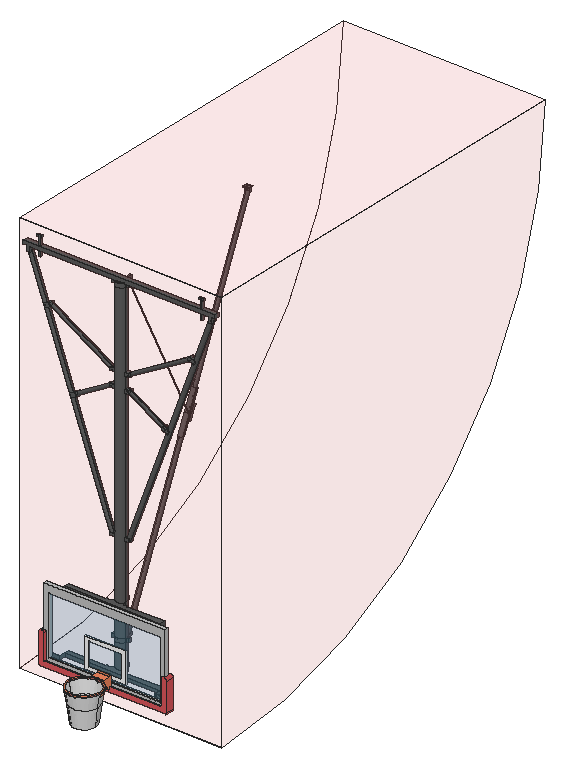
Revit family "Basketball_Backstop-Ceiling_Mount-Backward_Fold-IPIbyBison-IP1345BF-Xtra_Height", category Specialty Equipment, Revit 2022
Family settings
  Round Connector Dimension = Use Diameter
  Part Type = Normal
  OmniClass Number = 23.40.50.34.14
  OmniClass Title = Gymnasium Equipment
  Always vertical = Yes
  Cut with Voids When Loaded = No
  Maintain Annotation Orientation = No
  Shared = No
  Room Calculation Point = No
Parameters (values of type "Back Fold Rear Braced")
  Unit Weight [instance] = 0
  URL = "https://ipibybison.com/"
  Swing Clearance Visible [instance] = yes
  Specification = "https://www.arcat.com/company/ipi-by-bison-38554/spec"
  Set Frame Below Truss Level [instance] = -0' - 1"
  Rim Color [instance] = Plastic - IPI by Bison - Orange OR
  Product Page URL = "https://www.arcat.com/arcatcos/cos38/arc38554.html"
  Net Color [instance] = Finish - IPI by Bison - White Netting
  Model = "IP1345BF"
  Manufacturer = "IPI by Bison"
  Keynote = "11 66 00"
  Glass [instance] = Glass - IPI by Bison
  Frame Finish [instance] = Finish - IPI by Bison - Black
  Folding Clearance [instance] = ARCAT Clearance
  F_Length of Piping Below Brace Point [instance] = 1' - 6"
  FF to Top of Hoop [instance] = 10' - 0"
  Description = "Back Folding Basketball Frame and Backboard, Ceiling Mount"
  Default Elevation = 0' - 0"
  Copyright = "© 2023 ARCAT"  # constant formula
  CAD Details = "https://www.arcat.com/company/ipi-by-bison-38554/cad"
  Backboard Type = Backboard_BA42XLGlass : Backboard_BA42XLGlass
  Backboard Square Color [instance] = Finish - IPI by Bison - White
  Backboard Padding Color [instance] = Plastic - IPI by Bison - Scarlet SC
  Backboard Frame Color [instance] = Finish - IPI by Bison - Satin Aluminum
  Backboard Distance from Wall [instance] = 7' - 0"
  B_Distance Between Y Frame Supports [instance] = 8' - 0"  # constant formula
  Available Options = "as Specified"
  A_Distance to Brace [instance] = 7' - 10"
Reference planes (in)
  plane 1 "Center (Front/Back)": y = 0
  plane 2: z = 0
  plane 3 "Center (Left/Right)": x = 0
  plane 4: y = -84
  plane 5: z = 120
  plane 6: x = -48
  plane 7: x = 48
Forms (in)
  Revolve 1, solid, material "ARCAT Clearance" <- "Folding Clearance", visible <- "Swing Clearance Visible"
    sketch origin (-24.35865, -84, 48) x (-1, 0, 0) y (0, 0, 1)
      loop
        line (35.64135, 288) -> (-84.35865, 288) -> (-84.35865, 48) -> (35.64135, 48) -> (35.64135, 288)
      axis (35.64135, 288) -> (-84.35865, 288)
    angle from 0 to -90
Dimensions and locks (in)
  "Backboard Distance from Wall": plane 4 to plane 1 "Center (Front/Back)"
  equal spacing: plane 6, plane 3 "Center (Left/Right)", plane 7
  "B_Distance Between Y Frame Supports": plane 6 to plane 7
  "FF to Top of Hoop": plane 5 to level
  locked: Revolve 1 sketch curve to plane 6 at 12
  locked: plane 7 to Revolve 1 sketch curve at 12
  locked: plane 5 to Revolve 1 sketch curve at 24
  aligned and locked: level to plane 2
  aligned and locked: nested 2 to plane 4
  aligned and locked: plane 4 to nested 1
  aligned and locked: Revolve 1 sketch curve to level
  aligned and locked: level to Revolve 1 sketch curve
Automatic sketch dimensions
  Revolve 1 sketch curve to Revolve 1 sketch curve = 2' - 9.42519"
  plane 3 "Center (Left/Right)" to Revolve 1 sketch curve = 0' - 2.42519"
Nested families (in)
  nested 1: "Backboard_BA42XLGlass" at (0, -84, 120) x (-1, 0, 0) z (0, 0, 1), built-in parameter 1001364 <- "FF to Top of Hoop", backboard color <- "Backboard Frame Color", backboard square color <- "Backboard Square Color", frame finish <- "Frame Finish", glass <- "Glass", rim finish <- "Rim Color", net color <- "Net Color", padding color <- "Backboard Padding Color", height offset <- "FF to Top of Hoop", type "Backboard_BA42XLGlass"
    with rim finish Plastic - IPI by Bison - Orange OR, padding color Plastic - IPI by Bison - Scarlet SC, net color Finish - IPI by Bison - White Netting, height offset 10' - 0", glass Glass - IPI by Bison, frame finish Finish - IPI by Bison - Black, backboard square color Finish - IPI by Bison - White, backboard color Finish - IPI by Bison - Satin Aluminum
  nested 2: "Frame_RFRB28" at (0, -84, 335), built-in parameter 1001364 <- "Set Frame Below Truss Level", a <- "A_Distance to Brace", b <- "B_Distance Between Y Frame Supports", f <- "F_Length of Piping Below Brace Point", frame <- "Frame Finish", type "Frame_RFRB28"
    with frame Finish - IPI by Bison - Black, f 1' - 6", b 8' - 0", a 7' - 10", Hinge Location 9' - 0.08102"
Definition of nested family "Backboard_BA42XLGlass"
  Parameters (values of type "Backboard_BA42XLGlass")
    padding color [instance] = none
    net color [instance] = none
    rim finish [instance] = none
    height offset [instance] = 9' - 6"
    glass [instance] = none
    frame finish [instance] = none
    backboard square color [instance] = none
    backboard color [instance] = none
    Default Elevation = 4' - 0"
  Reference planes (in)
    plane 1 "Center (Front/Back)": y = 0
    plane 2: z = 0
    plane 3 "Center (Left/Right)": x = 0
    plane 4: z = -114
  Forms (in)
    Extrusion 1, solid, material <- "backboard color"
      sketch origin (-8.43545, 11.2937, 28.94441) x (1, 0, 0) y (0, 0, 1)
        loop
          line (-27.56455, 6.99989) -> (-27.56455, -35.00011) -> (44.43545, -35.00011) -> (44.43545, 6.99989) -> (-27.56455, 6.99989)
        loop
          line (41.81045, 2.74989) -> (-24.93955, 2.74989) -> (-24.93955, -32.37511) -> (41.81045, -32.37511) -> (41.81045, 2.74989)
      from 1.125 to -1.125
    Extrusion 2, solid, material <- "padding color"
      sketch origin (-8.43545, 11.2937, 29.06941) x (1, 0, 0) y (0, 0, 1)
        loop
          line (-27.55038, -17.62511) -> (-27.80038, -17.62511)
          arc (-27.80038, -17.62511) -> (-29.03781, -18.13767) -> (-29.55038, -19.37511) r 1.75
          line (-29.55038, -19.37511) -> (-29.55038, -36.12511)
          arc (-29.55038, -36.12511) -> (-29.25748, -36.83222) -> (-28.55038, -37.12511) r 1
          line (-28.55038, -37.12511) -> (45.44962, -37.12511)
          arc (45.44962, -37.12511) -> (46.15673, -36.83222) -> (46.44962, -36.12511) r 1
          line (46.44962, -36.12511) -> (46.44962, -19.37511)
          arc (46.44962, -19.37511) -> (45.93706, -18.13767) -> (44.69962, -17.62511) r 1.75
          line (44.69962, -17.62511) -> (44.42127, -17.62511)
          arc (44.42127, -17.62511) -> (43.71416, -17.918) -> (43.42127, -18.62511) r 1
          line (43.42127, -18.62511) -> (43.42127, -33.98376) -> (-26.55038, -33.98376) -> (-26.55038, -18.62511)
          arc (-26.55038, -18.62511) -> (-26.84327, -17.918) -> (-27.55038, -17.62511) r 1
      from -2.18697 to 2.14819
    Revolve 3, solid, material <- "net color"
      sketch origin (-8.43545, 27.4812, 28.93687) x (1, 0, 0) y (0, 0, 1)
        loop
          circle (-0.85808, -29.24642) r 0.3125
        loop
          line (-1.03195, -29.9762) -> (0.27041, -37.36226) -> (1.80132, -48.25521) -> (2.05377, -48.25521) -> (0.51737, -37.32314) -> (-0.77809, -29.9762) -> (-1.03195, -29.9762)
        axis (8.43545, -48.25521) -> (8.43545, -29.24642)
      angle from 0 to 360
    Revolve 4, solid, material <- "rim finish"
      sketch origin (0.02792, 11.2937, 0) x (0, 1, 0) y (0, 0, 1)
        loop
          line (6.79001, -0.625) -> (6.54001, -0.625) -> (6.54001, -2.125) -> (6.79001, -2.125) -> (6.79001, -0.625)
        axis (16.04001, -2.125) -> (16.04001, -0.625)
      angle from -90 to 90
    Extrusion 5, solid, material <- "rim finish"
      sketch origin (0, 0, 0) x (0, 1, 0) y (0, 0, 1)
        loop
          line (17.69724, 0) -> (12.8212, 0) -> (13.12361, 1.21287) -> (12.79369, 1.29513) -> (12.47078, 0) -> (12.47078, -6.5) -> (13.63137, -6.5) -> (17.69724, -2.43414) -> (17.69724, 0)
      from -3.50075 to 3.49925
    Extrusion 6, solid, material <- "backboard square color"
      sketch origin (0.02792, 11.2937, 0) x (1, 0, 0) y (0, 0, 1)
        loop
          line (-12.02792, 16.0023) -> (-12.02792, -1.9977) -> (11.97208, -1.9977) -> (11.97208, 16.0023) -> (-12.02792, 16.0023)
        loop
          line (-10.02792, 14.0023) -> (-10.02792, 0) -> (9.97208, 0) -> (9.97208, 14.0023) -> (-10.02792, 14.0023)
      from -0.44333 to 0.05679
    Extrusion 7, solid, material <- "glass"
      sketch origin (0.02792, 11.2937, 0) x (1, 0, 0) y (0, 0, 1)
        loop
          line (-33.40292, 31.6943) -> (-33.40292, -3.4307) -> (33.34708, -3.4307) -> (33.34708, 31.6943) -> (-33.40292, 31.6943)
      from -0.405 to 0
    Extrusion 8, solid, material <- "frame finish"
      sketch origin (0, 11.2937, 0) x (1, 0, 0) y (0, 1, 0)
        loop
          line (-28.5, -7.7495) -> (-6, -7.7495) -> (-6, -8.1245) -> (-4.12188, -8.1245) -> (-3.02199, -10.02957)
          arc (-3.02199, -10.02957) -> (-2.89931, -12.81607) -> (-0.66175, -14.4813) r 3.25
          line (-0.66175, -14.4813) -> (-0.66175, -16.28845) -> (0.60591, -16.28845) -> (0.60591, -14.4813)
          arc (0.60591, -14.4813) -> (2.82905, -12.84298) -> (2.98938, -10.08605) r 3.25
          line (2.98938, -10.08605) -> (4.12188, -8.1245) -> (6, -8.1245) -> (6, -7.7495) -> (28.5, -7.7495) -> (28.5, -1.4995) -> (33, -1.4995) -> (33, -1.125) -> (28.25, -1.125) -> (28.25, -4.7495) -> (-28.25, -4.7495) -> (-28.25, -1.125) -> (-33, -1.125) -> (-33, -1.4995) -> (-28.5, -1.4995) -> (-28.5, -7.7495)
      from -3.4307 to -1.5237
    Extrusion 9, solid, material <- "frame finish"
      sketch origin (0, 11.2937, 0) x (1, 0, 0) y (0, 1, 0)
        loop
          line (-28.5, -7.7495) -> (-6, -7.7495) -> (-6, -8.1245) -> (-4.12188, -8.1245) -> (-3.02199, -10.02957)
          arc (-3.02199, -10.02957) -> (-2.89931, -12.81607) -> (-0.66175, -14.4813) r 3.25
          line (-0.66175, -14.4813) -> (-0.66175, -16.28845) -> (0.60591, -16.28845) -> (0.60591, -14.4813)
          arc (0.60591, -14.4813) -> (2.82905, -12.84298) -> (2.98938, -10.08605) r 3.25
          line (2.98938, -10.08605) -> (4.12188, -8.1245) -> (6, -8.1245) -> (6, -7.7495) -> (28.5, -7.7495) -> (28.5, -1.4995) -> (33, -1.4995) -> (33, -1.125) -> (28.25, -1.125) -> (28.25, -4.7495) -> (-28.25, -4.7495) -> (-28.25, -1.125) -> (-33, -1.125) -> (-33, -1.4995) -> (-28.5, -1.4995) -> (-28.5, -7.7495)
      from 31.75979 to 34.1423
  Lines and regions (in)
    model lines
      curve 1: line (-0.00075, 0, 0) -> (-0.00075, 0, -114)
  Dimensions and locks (in)
    "height offset": level to plane 4
    aligned and locked: plane 2 to level
    aligned and locked: plane 4 to curve 1
  Automatic sketch dimensions
    curve 1 to level = 0' - 0"
    curve 1 to plane 3 "Center (Left/Right)" = 0' - 0.00075"
    Extrusion 1 sketch curve to plane 3 "Center (Left/Right)" = 3' - 0"
    Extrusion 1 sketch curve to Extrusion 1 sketch curve = 0' - 2 5/8"  (x2)
    plane 3 "Center (Left/Right)" to Extrusion 1 sketch curve = 2' - 9 3/8"
    Extrusion 1 sketch curve to level = 0' - 6.0557"
    Extrusion 1 sketch curve to level = 0' - 3.4307"
    level to Extrusion 1 sketch curve = 2' - 7.6943"
    Extrusion 1 sketch curve to Extrusion 1 sketch curve = 0' - 4 1/4"
    level to Extrusion 2 sketch curve = 0' - 9.6943"
    Extrusion 2 sketch curve to plane 3 "Center (Left/Right)" = 3' - 1.98582"
    Extrusion 2 sketch curve to Extrusion 2 sketch curve = 0' - 1"  (x4)
    Extrusion 2 sketch curve to Extrusion 2 sketch curve = 0' - 1 3/4"
    Extrusion 2 sketch curve to Extrusion 2 sketch curve = 0' - 0 1/4"
    level to Extrusion 2 sketch curve = 0' - 10.4443"
    plane 3 "Center (Left/Right)" to Extrusion 2 sketch curve = 2' - 10.98582"
    Extrusion 2 sketch curve to Extrusion 2 sketch curve = 0' - 0.27835"
    Extrusion 2 sketch curve to Extrusion 2 sketch curve = 0' - 2.02835"
    Extrusion 2 sketch curve to level = 0' - 4.91435"
    Extrusion 2 sketch curve to Extrusion 2 sketch curve = 0' - 2.14135"
    Revolve 3 sketch curve to plane 3 "Center (Left/Right)" = 0' - 0"
    Revolve 3 sketch curve to plane 3 "Center (Left/Right)" = 0' - 6.38167"
    Revolve 3 sketch curve to Revolve 3 sketch curve = 0' - 0.25246"
    Revolve 3 sketch curve to plane 3 "Center (Left/Right)" = 0' - 7.91808"
    Revolve 3 sketch curve to Revolve 3 sketch curve = 0' - 0.24696"
    Revolve 3 sketch curve to level = 0' - 1.03933"
    Revolve 3 sketch curve to Revolve 3 sketch curve = 0' - 1.0485"
    Revolve 3 sketch curve to level = 0' - 0.30954"
    Revolve 3 sketch curve to Revolve 3 sketch curve = 0' - 0.07999"
    Revolve 3 sketch curve to Revolve 3 sketch curve = 0' - 0.25386"
    Revolve 3 sketch curve to Revolve 3 sketch curve = 0' - 7.34694"
    Revolve 3 sketch curve to Revolve 3 sketch curve = 0' - 0.03911"
    Revolve 3 sketch curve to Revolve 3 sketch curve = 0' - 10.89295"
    Revolve 3 sketch curve to level = 0' - 0.00754"
    level to Revolve 3 sketch curve = 0' - 2.99246"
    Revolve 4 sketch curve to level = 0' - 2 1/8"
    Revolve 4 sketch curve to plane 1 "Center (Front/Back)" = 1' - 5.83371"
    Revolve 4 sketch curve to Revolve 4 sketch curve = 0' - 0 1/4"
    Revolve 4 sketch curve to level = 0' - 0 5/8"  (x2)
    Revolve 4 sketch curve to Revolve 4 sketch curve = 0' - 9 1/4"
    level to Revolve 4 sketch curve = 0' - 3 1/8"
    Extrusion 5 sketch curve to level = 0' - 0"  (x2)
    Extrusion 5 sketch curve to plane 1 "Center (Front/Back)" = 1' - 0.47078"
    level to Extrusion 5 sketch curve = 0' - 1.29513"
    Extrusion 5 sketch curve to Extrusion 5 sketch curve = 0' - 0.32291"
    Extrusion 5 sketch curve to Extrusion 5 sketch curve = 0' - 0.35043"
    Extrusion 5 sketch curve to Extrusion 5 sketch curve = 0' - 1.16059"
    Extrusion 5 sketch curve to Extrusion 5 sketch curve = 0' - 4.57363"
    Extrusion 5 sketch curve to Extrusion 5 sketch curve = 0' - 2.43414"
    Extrusion 5 sketch curve to Extrusion 5 sketch curve = 0' - 6 1/2"
    Extrusion 6 sketch curve to level = 0' - 0"
    Extrusion 6 sketch curve to level = 0' - 1.9977"
    Extrusion 6 sketch curve to plane 3 "Center (Left/Right)" = 1' - 0"
    Extrusion 6 sketch curve to Extrusion 6 sketch curve = 0' - 2"  (x3)
    plane 3 "Center (Left/Right)" to Extrusion 6 sketch curve = 0' - 10"
    Extrusion 6 sketch curve to Extrusion 6 sketch curve = 1' - 2.0023"
    Extrusion 7 sketch curve to plane 3 "Center (Left/Right)" = 2' - 9 3/8"
    Extrusion 7 sketch curve to level = 0' - 3.4307"
    plane 3 "Center (Left/Right)" to Extrusion 7 sketch curve = 2' - 9 3/8"
    level to Extrusion 7 sketch curve = 2' - 7.6943"
    Extrusion 8 sketch curve to Extrusion 8 sketch curve = 0' - 0"  (x3)
    plane 1 "Center (Front/Back)" to Extrusion 8 sketch curve = 0' - 0"
    Extrusion 8 sketch curve to plane 1 "Center (Front/Back)" = 0' - 9.7942"
    Extrusion 8 sketch curve to plane 3 "Center (Left/Right)" = 2' - 9"
    Extrusion 8 sketch curve to plane 1 "Center (Front/Back)" = 0' - 3.5442"
    Extrusion 8 sketch curve to Extrusion 8 sketch curve = 0' - 4 1/2"  (x2)
    Extrusion 8 sketch curve to Extrusion 8 sketch curve = 0' - 0 1/4"  (x2)
    Extrusion 8 sketch curve to plane 3 "Center (Left/Right)" = 0' - 6"
    Extrusion 8 sketch curve to Extrusion 8 sketch curve = 0' - 1.87812"  (x2)
    Extrusion 8 sketch curve to Extrusion 8 sketch curve = 0' - 1.09989"
    Extrusion 8 sketch curve to plane 3 "Center (Left/Right)" = 0' - 0.66175"
    Extrusion 8 sketch curve to plane 3 "Center (Left/Right)" = 0' - 0.02792"
    plane 3 "Center (Left/Right)" to Extrusion 8 sketch curve = 0' - 0.60591"
    Extrusion 8 sketch curve to plane 1 "Center (Front/Back)" = 0' - 1.20765"
    plane 3 "Center (Left/Right)" to Extrusion 8 sketch curve = 0' - 2.98938"
    Extrusion 8 sketch curve to Extrusion 8 sketch curve = 0' - 1.1325"
    Extrusion 8 sketch curve to plane 1 "Center (Front/Back)" = 0' - 10.1687"
    Extrusion 8 sketch curve to Extrusion 8 sketch curve = 1' - 10 1/4"
    Extrusion 8 sketch curve to Extrusion 8 sketch curve = 0' - 1.80715"
    Extrusion 8 sketch curve to Extrusion 8 sketch curve = 0' - 0 3/8"  (x2)
    Extrusion 8 sketch curve to plane 1 "Center (Front/Back)" = 0' - 3.1692"
    Extrusion 8 sketch curve to Extrusion 8 sketch curve = 0' - 3"
    Extrusion 8 sketch curve to Extrusion 8 sketch curve = 0' - 0.3745"  (x2)
    Extrusion 9 sketch curve to Extrusion 9 sketch curve = 0' - 0"  (x3)
    plane 1 "Center (Front/Back)" to Extrusion 9 sketch curve = 0' - 0"
    Extrusion 9 sketch curve to plane 1 "Center (Front/Back)" = 0' - 9.7942"
    Extrusion 9 sketch curve to plane 3 "Center (Left/Right)" = 2' - 9"
    Extrusion 9 sketch curve to plane 1 "Center (Front/Back)" = 0' - 3.5442"  (x2)
    Extrusion 9 sketch curve to Extrusion 9 sketch curve = 0' - 4 1/2"  (x2)
    Extrusion 9 sketch curve to Extrusion 9 sketch curve = 0' - 0 1/4"  (x2)
    Extrusion 9 sketch curve to plane 3 "Center (Left/Right)" = 0' - 6"
    Extrusion 9 sketch curve to Extrusion 9 sketch curve = 0' - 1.87812"  (x2)
    Extrusion 9 sketch curve to Extrusion 9 sketch curve = 0' - 1.09989"
    Extrusion 9 sketch curve to plane 3 "Center (Left/Right)" = 0' - 0.66175"
    Extrusion 9 sketch curve to plane 3 "Center (Left/Right)" = 0' - 0.02792"
    plane 3 "Center (Left/Right)" to Extrusion 9 sketch curve = 0' - 0.60591"
    Extrusion 9 sketch curve to plane 1 "Center (Front/Back)" = 0' - 1.20765"
    plane 3 "Center (Left/Right)" to Extrusion 9 sketch curve = 0' - 2.98938"
    Extrusion 9 sketch curve to Extrusion 9 sketch curve = 0' - 1.1325"
    Extrusion 9 sketch curve to plane 1 "Center (Front/Back)" = 0' - 10.1687"
    Extrusion 9 sketch curve to Extrusion 9 sketch curve = 1' - 10 1/4"
    Extrusion 9 sketch curve to Extrusion 9 sketch curve = 0' - 1.80715"
    Extrusion 9 sketch curve to Extrusion 9 sketch curve = 0' - 0 3/8"
    Extrusion 9 sketch curve to plane 1 "Center (Front/Back)" = 0' - 3.1692"
    Extrusion 9 sketch curve to Extrusion 9 sketch curve = 0' - 3"
    Extrusion 9 sketch curve to Extrusion 9 sketch curve = 0' - 0.3745"  (x2)
    radius of Revolve 3 sketch curve = 0' - 0 5/16"
Definition of nested family "Frame_RFRB28"
  Parameters (values of type "Frame_RFRB28")
    frame [instance] = none
    f [instance] = 1' - 6"
    b [instance] = 8' - 0"  # constant formula
    a [instance] = 7' - 10"
    Hinge Location [instance] = (sqrt((a - 0' 4 191/256") ^ 2 + (16' 4 7/8") ^ 2)) / 2  # 9' - 0.08102"
    Default Elevation = 4' - 0"
  Reference planes (in)
    plane 1 "Center (Front/Back)": y = 0
    plane 2: z = 0
    plane 3 "Center (Left/Right)": x = 0
    plane 4: z = -4.125
    plane 5: x = -48
    plane 6: x = 48
    plane 7: z = -218.99815
    plane 8: y = 94
    plane 9: z = -200.99815
    plane 10: z = -146.99815
    plane 11: y = 4.7442
    plane 12: z = -12.07366
  Forms (in)
    Extrusion 1, solid, material <- "frame"
      sketch origin (0, 0, 0) x (-1, 0, 0) y (0, 0, 1)
        loop
          line (-48.5, -3.57547) -> (-49.1801, -3.57547) -> (-49.1801, -4.57547) -> (-48.5, -4.57547) -> (-48.5, -14.94659) -> (-47.5, -14.94659) -> (-47.5, -4.50272) -> (-46.31181, -4.50272) -> (-46.31181, -3.67379) -> (-47.125, -3.67379) -> (-47.125, -3.45566) -> (-48.5, -3.45566) -> (-48.5, -3.57547)
        loop
          line (47.5, -3.57547) -> (46.8199, -3.57547) -> (46.8199, -4.57547) -> (47.5, -4.57547) -> (47.5, -14.94659) -> (48.5, -14.94659) -> (48.5, -4.50272) -> (49.68819, -4.50272) -> (49.68819, -3.67379) -> (48.875, -3.67379) -> (48.875, -3.45566) -> (47.5, -3.45566) -> (47.5, -3.57547)
      from -0.4375 to 0.4375
    Extrusion 2, solid, material <- "frame"
      sketch origin (0, 0, 0) x (-1, 0, 0) y (0, -1, 0)
        loop
          circle (0, 0) r 3
      from -218.99815 to -10.81466
    Extrusion 3, solid, material <- "frame"
      sketch origin (0, 0, 0) x (-1, 0, 0) y (0, -1, 0)
        loop
          arc (3.12672, 0.62551) -> (0, 3.19656) -> (-3.12672, 0.62551) r 3.18676
          line (-3.12672, 0.62551) -> (-5.03472, 0.62551) -> (-5.03472, -0.60749) -> (-3.12716, -0.60749)
          arc (-3.12716, -0.60749) -> (-2.22195, -2.27562) -> (-0.529, -3.1335) r 3.1875
          line (-0.529, -3.1335) -> (-0.529, -7.17993) -> (0.529, -7.17993) -> (0.529, -3.1335)
          arc (0.529, -3.1335) -> (2.22195, -2.27562) -> (3.12716, -0.60749) r 3.1875
          line (3.12716, -0.60749) -> (5.03472, -0.60749) -> (5.03472, 0.62551) -> (3.12672, 0.62551)
      from -13.07366 to -11.07366
    Sweep 4, solid, material <- "frame"
      path origin (0, 0, 0) x (0, -1, 0) y (0, 0, 1)
        loop
          line (-4.7442, -200.99815) -> (-94, -4.125)
      profile origin (0, 49.3721, -102.56158) x (0, 0.91077, -0.412913) y (-1, 0, 0)
        loop
          circle (0, 0) r 1.1875
    Extrusion 5, solid, material <- "frame"
      sketch origin (0, -23.21476, -200.99815) x (0, -1, 0) y (1, 0, 0)
        loop
          line (-22.60885, 5.03472) -> (-23.82067, 5.03472) -> (-23.82067, 3.12072)
          arc (-23.82067, 3.12072) -> (-25.10199, 2.55821) -> (-26.01762, 1.5) r 3.179
          line (-26.01762, 1.5) -> (-29.32067, 1.5) -> (-29.32067, -1.5) -> (-26.01762, -1.5)
          arc (-26.01762, -1.5) -> (-25.10199, -2.55821) -> (-23.82067, -3.12072) r 3.179
          line (-23.82067, -3.12072) -> (-23.82067, -5.03472) -> (-22.60885, -5.03472) -> (-22.60885, -3.12072)
          arc (-22.60885, -3.12072) -> (-20.03576, 0) -> (-22.60885, 3.12072) r 3.179
          line (-22.60885, 3.12072) -> (-22.60885, 5.03472)
      from 1 to -1
    Extrusion 6, solid, material <- "frame"
      sketch origin (0, 0, -1.125) x (0, -1, 0) y (0, 0, 1)
        loop
          line (-94.625, -0.80732) -> (-94.625, -3.80732) -> (-93.375, -3.80732) -> (-93.375, -0.80732) -> (-94.625, -0.80732)
      from -1.5 to 1.5
    Extrusion 7, solid, material <- "frame"
      sketch origin (0, 0, -1.125) x (0, -1, 0) y (0, 0, 1)
        loop
          line (-95.5, -0.80732) -> (-95.5, -1.05732) -> (-92.5, -1.05732) -> (-92.5, -0.80732) -> (-95.5, -0.80732)
      from -1.5 to 1.5
    Extrusion 8, solid, material <- "frame"
      sketch origin (0, -0.03, 0) x (1, 0, 0) y (0, 0, 1)
        loop
          line (-57, -8.85715) -> (-57, -10.85715) -> (-55, -10.85715) -> (-55, -14.10715) -> (-53, -14.10715) -> (-53, -10.85715) -> (53, -10.85715) -> (53, -14.10715) -> (55, -14.10715) -> (55, -10.85715) -> (57, -10.85715) -> (57, -8.85715) -> (-57, -8.85715)
      from -1.53 to 1.47
    Sweep 9, solid, material <- "frame"
      path origin (0, -0.03, 0) x (-1, 0, 0) y (0, 0, 1)
        loop
          line (-54.25831, -12.58204) -> (-4.68934, -147.70227)
      profile origin (29.47382, -0.03, -80.14215) x (0.93882, 0, -0.344407) y (0, -1, 0)
        loop
          circle (0, 0) r 1.2175
    Extrusion 10, solid, material <- "frame"
      sketch origin (0, -0.03, 0) x (1, 0, 0) y (0, 0, 1)
        loop
          line (-44.88847, -38.1233) -> (-44.19966, -40.00094) -> (-40.5513, -38.66254) -> (-41.24011, -36.7849) -> (-44.88847, -38.1233)
        loop
          line (-29.35533, -80.46516) -> (-28.66652, -82.3428) -> (-25.14594, -81.05127) -> (-25.83475, -79.17363) -> (-29.35533, -80.46516)
        loop
          line (-2.78107, -58.17015) -> (-5.78107, -58.17015) -> (-5.78107, -60.17015) -> (-2.78107, -60.17015) -> (-2.78107, -58.17015)
        loop
          line (-2.78107, -67.17015) -> (-5.78107, -67.17015) -> (-5.78107, -69.17015) -> (-2.78107, -69.17015) -> (-2.78107, -67.17015)
        loop
          line (44.88847, -38.1233) -> (41.24011, -36.7849) -> (40.5513, -38.66254) -> (44.19966, -40.00094) -> (44.88847, -38.1233)
        loop
          line (29.35533, -80.46516) -> (25.83475, -79.17363) -> (25.14594, -81.05127) -> (28.66652, -82.3428) -> (29.35533, -80.46516)
        loop
          line (2.78107, -58.17015) -> (2.78107, -60.17015) -> (5.78107, -60.17015) -> (5.78107, -58.17015) -> (2.78107, -58.17015)
        loop
          line (2.78107, -67.17015) -> (2.78107, -69.17015) -> (5.78107, -69.17015) -> (5.78107, -67.17015) -> (2.78107, -67.17015)
        loop
          line (-2.69765, -147.99815) -> (-2.69765, -145.99815) -> (-5.69765, -145.99815) -> (-5.69765, -147.99815) -> (-2.69765, -147.99815)
        loop
          line (2.69765, -147.99815) -> (5.69765, -147.99815) -> (5.69765, -145.99815) -> (2.69765, -145.99815) -> (2.69765, -147.99815)
      from -1.42904 to 1.345
    Sweep 11, solid, material <- "frame"
      path origin (0, -0.03, 0) x (1, 0, 0) y (0, 0, 1)
        loop
          line (-42.36358, -37.61622) -> (-4.38156, -59.54515)
      profile origin (-23.37257, -0.03, -48.58069) x (0.5, 0, 0.866025) y (0, -1, 0)
        loop
          circle (0, 0) r 1
    Sweep 12, solid, material <- "frame"
      path origin (0, -0.03, 0) x (-1, 0, 0) y (0, 0, 1)
        loop
          line (-42.36358, -37.61622) -> (-4.38156, -59.54515)
      profile origin (23.37257, -0.03, -48.58069) x (0.5, 0, -0.866025) y (0, -1, 0)
        loop
          circle (0, 0) r 1
    Sweep 13, solid, material <- "frame"
      path origin (0, -0.03, 60) x (1, 0, 0) y (0, 0, 1)
        loop
          line (-26.81592, -140.66699) -> (-4.38156, -127.7145)
      profile origin (-15.59874, -0.03, -74.19074) x (-0.5, 0, 0.866025) y (0, -1, 0)
        loop
          circle (0, 0) r 1
    Sweep 14, solid, material <- "frame"
      path origin (0, -0.03, 60) x (-1, 0, 0) y (0, 0, 1)
        loop
          line (-26.81592, -140.66699) -> (-4.38156, -127.7145)
      profile origin (15.59874, -0.03, -74.19074) x (-0.5, 0, -0.866025) y (0, -1, 0)
        loop
          circle (0, 0) r 1
    Sweep 15, solid, material <- "frame"
      path origin (0, -0.03, 0) x (1, 0, 0) y (0, 0, 1)
        loop
          line (-54.25831, -12.58204) -> (-4.68934, -147.70227)
      profile origin (-29.47382, -0.03, -80.14215) x (0.93882, 0, 0.344407) y (0, -1, 0)
        loop
          circle (0, 0) r 1.2175
    Sweep 16, solid, material <- "frame"
      path in 3D
        loop
          line (0, 49.37192, -102.56199) -> (0, 4.7442, -12.07366)
      profile origin (0, 27.05806, -57.31782) x (0, -0.896858, -0.442319) y (1, 0, 0)
        loop
          circle (0, 0) r 0.0625
  Lines and regions (in)
    reference lines
      curve 1: line (0, 94, -4.125) -> (0, 4.7442, -200.99815)
      curve 2: line (0, 49.37192, -102.56199) -> (0, 46.6396, -101.32325)
      curve 3: line (0, 49.37192, -102.56199) -> (0, 4.7442, -12.07366)
    sketch lines
      curve 4: line (0, 49.37192, -102.56199) -> (0, 4.7442, -12.07366)
  Dimensions and locks (in)
    equal spacing: plane 5, plane 3 "Center (Left/Right)", plane 6
    "b": plane 5 to plane 6
    locked: level to plane 4 at 4.125
    Extrusion 1 sketch curve to Extrusion 1 sketch curve to Extrusion 1 sketch curve to plane 5 to Extrusion 1 sketch curve to Extrusion 1 sketch curve to Extrusion 1 sketch curve = 0' - 0.81319" locked, 0' - 0 3/8" locked, 0' - 0 1/2" locked, 0' - 0 1/2" locked, 0' - 0" locked, 0' - 0.6801" locked
    Extrusion 1 sketch curve to Extrusion 1 sketch curve to Extrusion 1 sketch curve to plane 6 to Extrusion 1 sketch curve to Extrusion 1 sketch curve to Extrusion 1 sketch curve = 0' - 0.81319" locked, 0' - 0 3/8" locked, 0' - 0 1/2" locked, 0' - 0 1/2" locked, 0' - 0" locked, 0' - 0.6801" locked
    "a": plane 1 "Center (Front/Back)" to plane 8
    Extrusion 7 sketch curve to plane 8 to Extrusion 7 sketch curve = 0' - 1 1/2" locked, 0' - 1 1/2" locked
    Extrusion 6 sketch curve to plane 8 to Extrusion 6 sketch curve = 0' - 0 5/8" locked, 0' - 0 5/8" locked
    Extrusion 10 sketch curve to Extrusion 10 sketch curve = 0' - 2"  (x2)
    locked: level to Sweep 9 sketch curve at 147.70227
    locked: Sweep 9 sketch curve to plane 3 "Center (Left/Right)" at 4.68934
    locked: level to Sweep 15 sketch curve at 147.70227
    locked: plane 3 "Center (Left/Right)" to Sweep 15 sketch curve at 4.68934
    locked: level to Extrusion 10 sketch curve at 145.99815  (x2)
    locked: level to plane 10 at 146.99815
    locked: plane 9 to plane 10 at 54
    "f": plane 9 to plane 7
    plane 11 to plane 1 "Center (Front/Back)" = 0' - 4.7442"
    "Hinge Location": curve 2 to curve 1
    locked: plane 4 to plane 12 at 7.94866
    locked: curve 2 to curve 1 (angle 90.00°)
    aligned and locked: plane 2 to level
    aligned and locked: plane 7 to Extrusion 2
    aligned and locked: plane 11 to curve 1
    aligned and locked: plane 9 to curve 1
    aligned and locked: plane 8 to curve 1
    aligned and locked: plane 4 to curve 1
    aligned and locked: plane 8 to Sweep 4 sketch curve
    aligned and locked: plane 4 to Sweep 4 sketch curve
    aligned and locked: plane 11 to Sweep 4 sketch curve
    aligned and locked: plane 9 to Sweep 4 sketch curve
    aligned and locked: plane 11 to curve 3
    aligned and locked: plane 12 to curve 3
  Automatic sketch dimensions
    plane 4 to Extrusion 1 sketch curve = 0' - 0.54953"  (x2)
    Extrusion 1 sketch curve to plane 4 = 0' - 0.37772"  (x2)
    Extrusion 1 sketch curve to plane 4 = 0' - 0.45047"  (x2)
    Extrusion 1 sketch curve to Extrusion 1 sketch curve = 0' - 10.37112"  (x2)
    plane 4 to Extrusion 1 sketch curve = 0' - 0.45121"  (x2)
    Extrusion 1 sketch curve to Extrusion 1 sketch curve = 0' - 0.21814"  (x2)
    plane 1 "Center (Front/Back)" to Extrusion 2 sketch curve = 0' - 0"
    Extrusion 2 sketch curve to plane 3 "Center (Left/Right)" = 0' - 0"
    profile plane to Sweep 4 sketch curve = 0' - 0"
    Sweep 4 sketch curve to profile plane = 0' - 0"
    Extrusion 6 sketch curve to plane 4 = 0' - 0.80732"
    Extrusion 6 sketch curve to level = 0' - 1.93232"
    plane 4 to Extrusion 7 sketch curve = 0' - 1.94268"
    Extrusion 7 sketch curve to Extrusion 7 sketch curve = 0' - 0 1/4"
    plane 5 to Extrusion 8 sketch curve = 0' - 9"
    Extrusion 8 sketch curve to Extrusion 8 sketch curve = 0' - 2"  (x5)
    Extrusion 8 sketch curve to plane 6 = 0' - 5"
    Extrusion 8 sketch curve to plane 4 = 0' - 9.98215"  (x2)
    Extrusion 8 sketch curve to Extrusion 8 sketch curve = 0' - 3 1/4"  (x2)
    Extrusion 8 sketch curve to Extrusion 8 sketch curve = 0' - 0"
    plane 6 to Sweep 9 sketch curve = 0' - 6.25831"
    plane 4 to Sweep 9 sketch curve = 0' - 8 117/256"
    Sweep 9 sketch curve to profile plane = 0' - 0"  (x2)
    Extrusion 10 sketch curve to plane 5 = 0' - 3.11153"
    Extrusion 10 sketch curve to Extrusion 10 sketch curve = 0' - 0.68881"  (x4)
    Extrusion 10 sketch curve to Extrusion 10 sketch curve = 0' - 3.64836"
    Extrusion 10 sketch curve to plane 5 = 1' - 6.64467"
    Extrusion 10 sketch curve to Extrusion 10 sketch curve = 0' - 3.52058"  (x2)
    Extrusion 10 sketch curve to plane 3 "Center (Left/Right)" = 0' - 5.78107"  (x2)
    Extrusion 10 sketch curve to plane 3 "Center (Left/Right)" = 0' - 5.69765"
    Extrusion 10 sketch curve to plane 3 "Center (Left/Right)" = 0' - 2.78107"  (x2)
    Extrusion 10 sketch curve to plane 3 "Center (Left/Right)" = 0' - 2.69765"
    plane 3 "Center (Left/Right)" to Extrusion 10 sketch curve = 0' - 2.69765"
    plane 3 "Center (Left/Right)" to Extrusion 10 sketch curve = 0' - 2.78107"  (x2)
    Extrusion 10 sketch curve to Extrusion 10 sketch curve = 0' - 3"  (x3)
    Extrusion 10 sketch curve to Extrusion 10 sketch curve = 1' - 7.36487"
    plane 6 to Extrusion 10 sketch curve = 0' - 7.4487"
    plane 6 to Extrusion 10 sketch curve = 0' - 3.80034"
    Extrusion 10 sketch curve to Extrusion 10 sketch curve = 5' - 3.65535"
    Extrusion 10 sketch curve to Extrusion 10 sketch curve = 0' - 0"  (x3)
    Extrusion 10 sketch curve to Extrusion 10 sketch curve = 0' - 1.29153"  (x2)
    Extrusion 10 sketch curve to Extrusion 10 sketch curve = 0' - 10.00348"
    Extrusion 10 sketch curve to Extrusion 10 sketch curve = 0' - 2"  (x4)
    Extrusion 10 sketch curve to Extrusion 10 sketch curve = 0' - 7"
    Extrusion 10 sketch curve to level = 3' - 4.00094"  (x2)
    Extrusion 10 sketch curve to Extrusion 10 sketch curve = 0' - 1.3384"  (x2)
    Sweep 11 sketch curve to plane 5 = 0' - 5.63642"
    Sweep 11 sketch curve to plane 3 "Center (Left/Right)" = 0' - 4.38156"
    Sweep 11 sketch curve to plane 4 = 4' - 7.42015"
    Sweep 11 sketch curve to plane 4 = 2' - 9.49122"
    Sweep 11 sketch curve to profile plane = 0' - 0"  (x2)
    Sweep 12 sketch curve to plane 6 = 0' - 5.63642"
    Sweep 12 sketch curve to plane 3 "Center (Left/Right)" = 0' - 4.38156"
    plane 4 to Sweep 12 sketch curve = 4' - 7.42015"
    plane 4 to Sweep 12 sketch curve = 2' - 9.49122"
    Sweep 12 sketch curve to profile plane = 0' - 0"  (x2)
    Sweep 13 sketch curve to plane 5 = 1' - 9.18408"
    Sweep 13 sketch curve to plane 3 "Center (Left/Right)" = 0' - 4.38156"
    Sweep 13 sketch curve to Sweep 13 sketch curve = 1' - 0.95249"
    Sweep 13 sketch curve to profile plane = 0' - 0"
    profile plane to Sweep 13 sketch curve = 0' - 0"
    Sweep 14 sketch curve to plane 6 = 1' - 9.18408"
    Sweep 14 sketch curve to plane 3 "Center (Left/Right)" = 0' - 4.38156"
    Sweep 14 sketch curve to Sweep 14 sketch curve = 1' - 0.95249"
    Sweep 14 sketch curve to profile plane = 0' - 0"
    profile plane to Sweep 14 sketch curve = 0' - 0"
    plane 5 to Sweep 15 sketch curve = 0' - 6.25831"
    Sweep 15 sketch curve to plane 4 = 0' - 8 117/256"
    Sweep 15 sketch curve to profile plane = 0' - 0"  (x2)
    Sweep 13 sketch curve to plane 4 = 6' - 4.54199"
    plane 4 to Sweep 14 sketch curve = 6' - 4.54199"
    Extrusion 5 sketch curve to Extrusion 5 sketch curve = 0' - 0"  (x8)
    plane 1 "Center (Front/Back)" to Extrusion 5 sketch curve = 0' - 0"
    Extrusion 5 sketch curve to plane 3 "Center (Left/Right)" = 0' - 0"
    Extrusion 5 sketch curve to plane 1 "Center (Front/Back)" = 0' - 0.60591"  (x2)
    Extrusion 5 sketch curve to Extrusion 5 sketch curve = 0' - 2.19695"  (x2)
    plane 3 "Center (Left/Right)" to Extrusion 5 sketch curve = 0' - 1 1/2"
    Extrusion 5 sketch curve to Extrusion 5 sketch curve = 0' - 3.30305"
    plane 1 "Center (Front/Back)" to Extrusion 5 sketch curve = 0' - 0.60591"  (x2)
    Extrusion 5 sketch curve to plane 3 "Center (Left/Right)" = 0' - 1 1/2"
    Extrusion 5 sketch curve to Extrusion 5 sketch curve = 0' - 1.914"  (x2)
    Extrusion 3 sketch curve to Extrusion 3 sketch curve = 0' - 0"  (x6)
    Extrusion 3 sketch curve to plane 3 "Center (Left/Right)" = 0' - 0"
    plane 3 "Center (Left/Right)" to Extrusion 3 sketch curve = 0' - 0.529"
    plane 1 "Center (Front/Back)" to Extrusion 3 sketch curve = 0' - 0.62551"  (x2)
    plane 3 "Center (Left/Right)" to Extrusion 3 sketch curve = 0' - 3.12672"
    Extrusion 3 sketch curve to plane 1 "Center (Front/Back)" = 0' - 0.60749"  (x2)
    Extrusion 3 sketch curve to Extrusion 3 sketch curve = 0' - 0.00044"  (x2)
    Extrusion 3 sketch curve to Extrusion 3 sketch curve = 0' - 1.90801"
    Extrusion 3 sketch curve to plane 3 "Center (Left/Right)" = 0' - 0.529"
    Extrusion 3 sketch curve to Extrusion 3 sketch curve = 0' - 1.90757"
    Extrusion 3 sketch curve to plane 11 = 0' - 1.6107"
    plane 11 to Extrusion 3 sketch curve = 0' - 2.43573"
    Sweep 16 sketch curve to profile plane = 0' - 0"  (x2)
    radius of Extrusion 2 sketch curve = 0' - 3"
    radius of Sweep 4 sketch curve = 0' - 1 3/16"
    radius of Sweep 9 sketch curve = 0' - 1.2175"
    radius of Sweep 11 sketch curve = 0' - 1"
    radius of Sweep 12 sketch curve = 0' - 1"
    radius of Sweep 13 sketch curve = 0' - 1"
    radius of Sweep 14 sketch curve = 0' - 1"
    radius of Sweep 15 sketch curve = 0' - 1.2175"
    radius of Sweep 16 sketch curve = 0' - 0 1/16"
  Nested families (in)
    nested 1: "Brace Hinge" at (0, 49.37192, -102.56199) x (0, -0.4129, -0.9108) z (0, 0.9108, -0.4129), Material <- "frame", type "Brace Hinge"
      with Material none
  Definition of nested family "Brace Hinge"
    Parameters (values of type "Brace Hinge")
      Material [instance] = none
      Default Elevation = 4' - 0"
    Reference planes (in)
      plane 1 "Center (Front/Back)": y = 0
      plane 2: z = 0
      plane 3 "Center (Left/Right)": x = 0
    Forms (in)
      Extrusion 1, solid, material <- "Material"
        sketch origin (0, 0, 0) x (0, 1, 0) y (0, 0, 1)
          loop
            circle (0, 0) r 1.4375
        from -12 to 12
      Extrusion 2, solid, material <- "Material"
        sketch origin (0, 0, 0) x (1, 0, 0) y (0, 0, 1)
          loop
            line (4.25, 0) -> (4.25, 3.4375) -> (-4.25, 3.4375) -> (-4.25, 0) -> (4.25, 0)
        from -0.625 to 0.625
      Extrusion 3, void
        sketch origin (0, 0, 0) x (1, 0, 0) y (0, 0, 1)
          loop
            line (0.01563, -1.4375) -> (0.01563, 3.4375) -> (-0.01563, 3.4375) -> (-0.01563, -1.4375) -> (0.01563, -1.4375)
        from -3 to 3
    Cuts and joins
      Extrusion 3 cuts Extrusion 1
      Extrusion 3 cuts Extrusion 2
      joined: Extrusion 1, Extrusion 2
    Dimensions and locks (in)
      aligned and locked: level to plane 2
      aligned and locked: plane 2 to Extrusion 2 sketch curve
